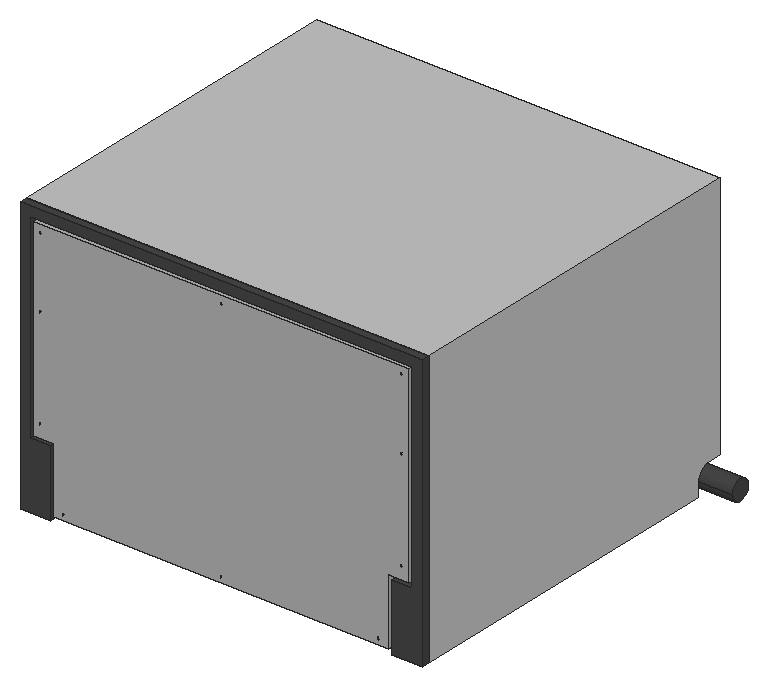
Revit family "FP_Revit_18_DD24SI9_N_DishDrawer_90000883A", category Specialty Equipment, Revit 2018
Family settings
  Round Connector Dimension = Use Diameter
  Part Type = Normal
  OmniClass Number = 23.40.40.14.31
  OmniClass Title = Cleaning and Disposal Equipment
  Work Plane-Based = No
  Always vertical = Yes
  Cut with Voids When Loaded = Yes
  Shared = No
  Room Calculation Point = No
Parameters (values of type "DD24SI9")
  Visibility - Handle = no
  Visibility - Door Panel = no
  Visibility - Clearance Required = yes
  URL = "www.fisherpaykel.com"
  Product - Width = 599 mm  # constant formula
  Product - Height = 410 mm  # constant formula
  Product - Depth = 553 mm  # constant formula
  Model = "DD24SI9"
  Material - Trim = Fisher & Paykel - Black
  Material - Door Structure = Fisher & Paykel - Aluminium
  Material - Door Front = Fisher & Paykel - Stainless Steel
  Material - Body = Fisher & Paykel - Grey
  Manufacturer = "Fisher & Paykel Appliances"
  FFL Offset [instance] = 406 mm
  Description = "Integrated Single DishDrawer"
  Connector Description - Water = "Supplied hose to suit 3⁄8” (9 mm) male compression fitting"
  Connector Description - Sanitary = "Drain Hose, No Fitting Required"
  Connector Description - Electrical = "110-120 V, 15 A, fused electrical supply"
  Cavity - Width = 600 mm  # constant formula
  Cavity - Height = 412 mm  # constant formula
  Cavity - Depth = 560 mm  # constant formula
Reference planes
  plane 1 "Datum": y = 0
  plane 2: z = 0
  plane 3 "Center (Left/Right)": x = 0
  plane 4: z = 0
  plane 5 "Product LHS": x = -299.5
  plane 6 "Product RHS": x = 299.5
  plane 7 "Product - Depth": y = 553
  plane 8 "Cavity LHS": x = -300
  plane 9 "Cavity RHS": x = 300
  plane 10 "Cavity - Depth": y = 560
  plane 11 "Product Height": z = 816
  plane 12 "Cavity - Height": z = 818
  plane 13 "FFL Offset": z = 406
  plane 14 "Door Front": y = -18
Forms (mm)
  Extrusion 1, solid, material "Fisher & Paykel - Grey" <- "Material - Body"
    sketch origin (0, 0, 0) x (0, 1, 0) y (0, 0, 1)
      loop
        line (12, 816) -> (12, 406) -> (513, 406) -> (513, 426)
        arc (513, 426) -> (518.858, 440.142) -> (533, 446) r 20
        line (533, 446) -> (553, 446) -> (553, 816) -> (12, 816)
    from -299.5 to 299.5
  Extrusion 2, solid, material "Fisher & Paykel - Aluminium" <- "Material - Door Structure", detail levels fine
    sketch origin (0, 0, 0) x (1, 0, 0) y (0, 0, 1)
      loop
        line (-279.5, 796) -> (-279.5, 511) -> (-249.5, 511) -> (-249.5, 412.713) -> (249.5, 412.713) -> (249.5, 511) -> (279.5, 511) -> (279.5, 796) -> (-279.5, 796)
      loop
        circle (-269.5, 680) r 1.502
      loop
        circle (-234.5, 421) r 1.5
      loop
        circle (-269.5, 530) r 1.5
      loop
        circle (-269.5, 786) r 1.5
      loop
        circle (0, 786) r 1.5
      loop
        circle (269.5, 680) r 1.502
      loop
        circle (269.5, 530) r 1.5
      loop
        circle (269.5, 786) r 1.5
      loop
        circle (0, 421) r 1.5
      loop
        circle (234.5, 421) r 1.5
    from -12 to 0
  Sweep 3, solid, material "Fisher & Paykel - Black", detail levels medium+fine
    path origin (0, 539.813, 406) x (1, 0, 0) y (0, 0, 1)
      loop
        line (-119.5, 75) -> (-119.5, 45.438)
        arc (-119.5, 45.438) -> (-125.358, 31.295) -> (-139.5, 25.437) r 20
        line (-139.5, 25.437) -> (-349.5, 25.437)
    profile origin (-119.5, 539.813, 466.219) x (0, -1, 0) y (1, 0, 0)
      loop
        circle (0, 0) r 9
  Extrusion 4, solid, material "Fisher & Paykel - Clearance Required", visible <- "Visibility - Clearance Required", detail levels coarse
    sketch origin (0, 0, 0) x (0, 1, 0) y (0, 0, 1)
      loop
        line (-18, 406) -> (-18, 816) -> (-545, 816) -> (-545, 743.132) -> (-587, 743.132) -> (-587, 727.132) -> (-545, 727.132) -> (-545, 406) -> (-18, 406)
    from -300 to 300
  Extrusion 5, solid, material "Fisher & Paykel - Clearance Required", visible <- "Visibility - Clearance Required", detail levels coarse
    sketch origin (0, 0, 0) x (1, 0, 0) y (0, 1, 0)
      loop
        line (300, 560) -> (-300, 560) -> (-300, 0) -> (300, 0) -> (300, 560)
    from 406 to 818
  Extrusion 6, solid, material "Fisher & Paykel - Black" <- "Material - Trim"
    sketch origin (0, 0, 0) x (1, 0, 0) y (0, 0, 1)
      loop
        line (-299.5, 816) -> (-299.5, 406) -> (-254.5, 406) -> (-254.5, 506) -> (-283.999, 506) -> (-283.999, 801) -> (284, 801) -> (284, 506) -> (254.5, 506) -> (254.5, 406) -> (299.5, 406) -> (299.5, 816) -> (-299.5, 816)
    from -12 to 0
  Sweep 7, solid, material "Fisher & Paykel - Black", detail levels medium+fine
    path origin (0, 0, 0) x (1, 0, 0) y (0, 1, 0)
      loop
        line (199.5, 513) -> (199.5, 514)
        arc (199.5, 514) -> (204.04, 524.96) -> (215, 529.5) r 15.5
        line (215, 529.5) -> (349.5, 529.5)
    profile origin (199.5, 513.5, 0) x (-1, 0, 0) y (0, 0, 1)
      loop
        circle (0, 427) r 15
  Sweep 8, solid, material "Fisher & Paykel - Black", detail levels medium+fine
    path origin (0, 0, 0) x (1, 0, 0) y (0, 1, 0)
      loop
        line (-33.982, 513) -> (-33.982, 516.982)
        arc (-33.982, 516.982) -> (-35.886, 521.579) -> (-40.482, 523.482) r 6.5
        line (-40.482, 523.482) -> (-349.5, 523.482)
    profile origin (-194.991, 523.482, 0) x (0, -1, 0) y (0, 0, 1)
      loop
        circle (0, 417.016) r 4
  Sweep 9, solid, material "Fisher & Paykel - Black", detail levels medium+fine
    path origin (0, 0, 0) x (1, 0, 0) y (0, 1, 0)
      loop
        line (-349.5, 522.999) -> (-215.482, 522.999)
        arc (-215.482, 522.999) -> (-211.239, 521.242) -> (-209.482, 516.999) r 6
        line (-209.482, 516.999) -> (-209.482, 513)
    profile origin (-209.482, 514.999, 0) x (1, 0, 0) y (0, 0, 1)
      loop
        circle (0, 426.938) r 5
  Extrusion 10, solid, material "Fisher & Paykel - Black", detail levels fine
    sketch origin (0, 0, 406) x (1, 0, 0) y (0, 0, 1)
      loop
        line (-27.5, 18) -> (-41.5, 18) -> (-41.5, 4) -> (-27.5, 4) -> (-27.5, 18)
    from -518 to -513
  Extrusion 11, void
    sketch origin (0, 0, 0) x (1, 0, 0) y (0, 1, 0)
      loop
        line (-300, 560) -> (-300, -18) -> (300, -18) -> (300, 560) -> (-300, 560)
    from 406 to 818
  Extrusion 12, solid, material "Fisher & Paykel - Stainless Steel" <- "Material - Door Front", visible <- "Visibility - Door Panel"
    sketch origin (0, 0, 0) x (1, 0, 0) y (0, 1, 0)
      loop
        line (297.5, 0) -> (-297.5, 0) -> (-297.5, -18) -> (297.5, -18) -> (297.5, 0)
    from 408 to 816
  Extrusion 13, void
    sketch origin (0, 0, 0) x (1, 0, 0) y (0, 0, 1)
      loop
        line (-9.5, 511) -> (-229.5, 511) -> (-229.5, 446) -> (-9.5, 446) -> (-9.5, 511)
    from -553 to -550
  Sweep 14, solid, material "Fisher & Paykel - Black", not visible, detail levels medium+fine
    path origin (0, 539.813, 1000) x (1, 0, 0) y (0, 0, 1)
      loop
        line (-119.5, 75) -> (-119.5, 45.438)
        arc (-119.5, 45.438) -> (-125.358, 31.295) -> (-139.5, 25.437) r 20
        line (-139.5, 25.437) -> (-349.5, 25.437)
    profile origin (-119.5, 539.813, 1060.219) x (0, -1, 0) y (1, 0, 0)
      loop
        circle (0, 0) r 9
  Sweep 15, solid, material "Fisher & Paykel - Black", not visible, detail levels medium+fine
    path origin (0, 0, 594) x (1, 0, 0) y (0, 1, 0)
      loop
        line (199.5, 513) -> (199.5, 514)
        arc (199.5, 514) -> (204.04, 524.96) -> (215, 529.5) r 15.5
        line (215, 529.5) -> (349.5, 529.5)
    profile origin (199.5, 513.5, 594) x (-1, 0, 0) y (0, 0, 1)
      loop
        circle (0, 427) r 15
  Sweep 16, solid, material "Fisher & Paykel - Black", not visible, detail levels medium+fine
    path origin (0, 0, 594) x (1, 0, 0) y (0, 1, 0)
      loop
        line (-33.982, 513) -> (-33.982, 516.982)
        arc (-33.982, 516.982) -> (-35.886, 521.579) -> (-40.482, 523.482) r 6.5
        line (-40.482, 523.482) -> (-349.5, 523.482)
    profile origin (-194.991, 523.482, 594) x (0, -1, 0) y (0, 0, 1)
      loop
        circle (0, 417.016) r 4
  Sweep 17, solid, material "Fisher & Paykel - Black", not visible, detail levels medium+fine
    path origin (0, 0, 594) x (1, 0, 0) y (0, 1, 0)
      loop
        line (-349.5, 522.999) -> (-215.482, 522.999)
        arc (-215.482, 522.999) -> (-211.239, 521.242) -> (-209.482, 516.999) r 6
        line (-209.482, 516.999) -> (-209.482, 513)
    profile origin (-209.482, 514.999, 594) x (1, 0, 0) y (0, 0, 1)
      loop
        circle (0, 426.938) r 5
  Extrusion 18, solid, material "Fisher & Paykel - Black", not visible, detail levels fine
    sketch origin (0, 0, 1000) x (1, 0, 0) y (0, 0, 1)
      loop
        line (-27.5, 18) -> (-41.5, 18) -> (-41.5, 4) -> (-27.5, 4) -> (-27.5, 18)
    from -518 to -513
Cuts and joins
  Extrusion 13 cuts Extrusion 2
  Extrusion 13 cuts Extrusion 4
  Extrusion 13 cuts Extrusion 12
  Extrusion 13 cuts Extrusion 1
Lines and regions (mm)
  model lines, style "Fisher & Paykel"
    curve 1: line (-297.5, 0, 816) -> (297.5, 0, 816)
    curve 2: line (-297.5, 0, 408) -> (-297.5, 0, 816)
    curve 3: line (297.5, 0, 408) -> (-297.5, 0, 408)
    curve 4: line (297.5, 0, 816) -> (297.5, 0, 408)
  model lines
    curve 5: line (-297.5, 0, 816) -> (297.5, 0, 816)
    curve 6: line (-297.5, 0, 408) -> (-297.5, 0, 816)
    curve 7: line (297.5, 0, 408) -> (-297.5, 0, 408)
    curve 8: line (297.5, 0, 816) -> (297.5, 0, 408)
  model lines, style "Fisher & Paykel", not visible
    curve 9: line (297.5, 0, 1002) -> (-297.5, 0, 1002)
  model lines, not visible
    curve 10: line (297.5, 0, 1002) -> (-297.5, 0, 1002)
Text (mm)
  text "Due to ongoing product development, product details are subject to change without notice. \nPlease always refer to www.fisherpaykel.com for the most current product information. \n© Fisher & Paykel 2020" at (41.04, -647.69, 0), in view "Ref. Level (Plan)"
Dimensions and locks
  equal spacing: plane 5 "Product LHS", plane 3 "Center (Left/Right)", plane 6 "Product RHS"
  "Product - Width": plane 5 "Product LHS" to plane 6 "Product RHS"
  "Product - Depth": plane 1 "Datum" to plane 7 "Product - Depth"
  equal spacing: plane 8 "Cavity LHS", plane 3 "Center (Left/Right)", plane 9 "Cavity RHS"
  "Cavity - Width": plane 8 "Cavity LHS" to plane 9 "Cavity RHS"
  "Cavity - Depth": plane 10 "Cavity - Depth" to plane 1 "Datum"
  "FFL Offset": plane 13 "FFL Offset" to level
  locked: plane 11 "Product Height" to nested 1 at 72.868
  locked: plane 13 "FFL Offset" to cut or joined group of Extrusion 12, Extrusion 13 at 2
  locked: Extrusion 2 sketch curve to plane 13 "FFL Offset" at 6.713
  locked: cut or joined group of Extrusion 1, Extrusion 13 to Extrusion 13 sketch curve at 65
  locked: cut or joined group of Extrusion 12, Extrusion 13 to plane 13 "FFL Offset" at 2
  locked: plane 13 "FFL Offset" to Sweep 3 at 75
  locked: Extrusion 1 sketch curve to plane 13 "FFL Offset" at 40
  "Product - Height": plane 11 "Product Height" to plane 13 "FFL Offset"
  "Cavity - Height": plane 13 "FFL Offset" to plane 12 "Cavity - Height"
  aligned and locked: level to plane 2
  aligned and locked: Extrusion 5 sketch curve to plane 8 "Cavity LHS"
  aligned and locked: plane 1 "Datum" to Extrusion 5 sketch curve
  aligned and locked: Extrusion 5 sketch curve to plane 9 "Cavity RHS"
  aligned and locked: Extrusion 4 to plane 13 "FFL Offset"
  aligned and locked: cut or joined group of Extrusion 4, Extrusion 13 to Extrusion 5
  aligned and locked: Extrusion 5 to plane 12 "Cavity - Height"
  aligned and locked: Extrusion 5 to Extrusion 1
  aligned and locked: plane 11 "Product Height" to Extrusion 1
  aligned and locked: Extrusion 6 sketch curve to plane 13 "FFL Offset"
  aligned and locked: Extrusion 6 sketch curve to Extrusion 6 sketch curve
  aligned and locked: plane 11 "Product Height" to Extrusion 12
  aligned and locked: cut or joined group of Extrusion 1, Extrusion 13 to Extrusion 13 sketch curve
  aligned and locked: Extrusion 2 sketch curve to Extrusion 2 sketch curve
  aligned and locked: Extrusion 11 to Extrusion 5  (x2)
Automatic sketch dimensions
  Sweep 3 sketch curve to profile plane = 0 mm
  profile plane to Sweep 3 sketch curve = 0 mm
  Sweep 3 sketch curve to Sweep 3 sketch curve = 20 mm
  Sweep 3 sketch curve to Sweep 3 sketch curve = 29.562 mm
  Sweep 7 sketch curve to profile plane = 0 mm
  Sweep 7 sketch curve to Sweep 7 sketch curve = 15.5 mm
  Sweep 7 sketch curve to Sweep 7 sketch curve = 1 mm
  Sweep 8 sketch curve to Sweep 8 sketch curve = 3.982 mm
  Sweep 8 sketch curve to Sweep 8 sketch curve = 6.5 mm
  Sweep 8 sketch curve to profile plane = 0 mm
  Sweep 9 sketch curve to Sweep 9 sketch curve = 6 mm
  Sweep 9 sketch curve to Sweep 9 sketch curve = 3.999 mm
  profile plane to Sweep 9 sketch curve = 0 mm
  Extrusion 10 sketch curve to Extrusion 10 sketch curve = 14 mm  (x2)
  Extrusion 5 sketch curve to plane 10 "Cavity - Depth" = 0 mm
  plane 1 "Datum" to Extrusion 11 sketch curve = 18 mm
  Extrusion 11 sketch curve to plane 8 "Cavity LHS" = 0 mm
  Extrusion 11 sketch curve to plane 9 "Cavity RHS" = 0 mm
  Extrusion 11 sketch curve to plane 10 "Cavity - Depth" = 0 mm
  plane 1 "Datum" to Extrusion 12 sketch curve = 0 mm
  plane 9 "Cavity RHS" to Extrusion 12 sketch curve = 597.5 mm
  plane 1 "Datum" to Extrusion 12 sketch curve = 18 mm
  Extrusion 12 sketch curve to Extrusion 12 sketch curve = 595 mm
  Extrusion 4 sketch curve to plane 11 "Product Height" = 0 mm
  level to Extrusion 4 sketch curve = 406 mm
  plane 1 "Datum" to Extrusion 4 sketch curve = 587 mm
  Extrusion 4 sketch curve to Extrusion 4 sketch curve = 42 mm  (x2)
  plane 1 "Datum" to Extrusion 4 sketch curve = 18 mm
  Extrusion 4 sketch curve to Extrusion 4 sketch curve = 16 mm
  Extrusion 4 sketch curve to Extrusion 4 sketch curve = 88.868 mm
  plane 11 "Product Height" to Extrusion 1 sketch curve = 0 mm
  Extrusion 1 sketch curve to plane 7 "Product - Depth" = 0 mm
  Extrusion 1 sketch curve to Extrusion 1 sketch curve = 20 mm  (x2)
  Extrusion 1 sketch curve to plane 1 "Datum" = 12 mm
  curve 6 to plane 11 "Product Height" = 0 mm
  curve 1 to plane 5 "Product LHS" = 2 mm
  plane 6 "Product RHS" to curve 5 = 2 mm
  Extrusion 1 sketch curve to plane 13 "FFL Offset" = 0 mm
  plane 5 "Product LHS" to Extrusion 6 sketch curve = 0 mm
  plane 6 "Product RHS" to Extrusion 6 sketch curve = 0 mm
  Extrusion 6 sketch curve to plane 5 "Product LHS" = 15.501 mm
  Extrusion 6 sketch curve to Extrusion 6 sketch curve = 29.499 mm
  plane 6 "Product RHS" to Extrusion 6 sketch curve = 45 mm
  plane 6 "Product RHS" to Extrusion 6 sketch curve = 15.5 mm
  plane 13 "FFL Offset" to Extrusion 6 sketch curve = 100 mm  (x2)
  Extrusion 6 sketch curve to plane 11 "Product Height" = 15 mm
  plane 11 "Product Height" to Extrusion 6 sketch curve = 0 mm
  Extrusion 13 sketch curve to plane 5 "Product LHS" = 70 mm
  Extrusion 13 sketch curve to plane 3 "Center (Left/Right)" = 9.5 mm
  plane 13 "FFL Offset" to curve 6 = 2 mm
  plane 13 "FFL Offset" to curve 4 = 2 mm
  Sweep 3 sketch curve to Sweep 3 sketch curve = 210 mm
  Sweep 7 sketch curve to Sweep 7 sketch curve = 134.5 mm
  profile plane to Sweep 7 sketch curve = 427 mm
  Sweep 8 sketch curve to Sweep 8 sketch curve = 309.018 mm
  profile plane to Sweep 8 sketch curve = 417.016 mm
  Sweep 9 sketch curve to Sweep 9 sketch curve = 134.018 mm
  profile plane to Sweep 9 sketch curve = 426.938 mm
  Sweep 14 sketch curve to profile plane = 0 mm
  profile plane to Sweep 14 sketch curve = 0 mm
  Sweep 14 sketch curve to Sweep 14 sketch curve = 20 mm
  Sweep 14 sketch curve to Sweep 14 sketch curve = 29.562 mm
  Sweep 15 sketch curve to profile plane = 0 mm
  Sweep 15 sketch curve to Sweep 15 sketch curve = 15.5 mm
  Sweep 15 sketch curve to Sweep 15 sketch curve = 1 mm
  Sweep 16 sketch curve to Sweep 16 sketch curve = 3.982 mm
  Sweep 16 sketch curve to Sweep 16 sketch curve = 6.5 mm
  Sweep 16 sketch curve to profile plane = 0 mm
  Sweep 17 sketch curve to Sweep 17 sketch curve = 6 mm
  Sweep 17 sketch curve to Sweep 17 sketch curve = 3.999 mm
  profile plane to Sweep 17 sketch curve = 0 mm
  Extrusion 18 sketch curve to Extrusion 18 sketch curve = 14 mm  (x2)
  Sweep 14 sketch curve to Sweep 14 sketch curve = 210 mm
  Sweep 15 sketch curve to Sweep 15 sketch curve = 134.5 mm
  profile plane to Sweep 15 sketch curve = 427 mm
  Sweep 16 sketch curve to Sweep 16 sketch curve = 309.018 mm
  profile plane to Sweep 16 sketch curve = 417.016 mm
  Sweep 17 sketch curve to Sweep 17 sketch curve = 134.018 mm
  profile plane to Sweep 17 sketch curve = 426.938 mm
  Extrusion 2 sketch curve to plane 3 "Center (Left/Right)" = 0 mm  (x2)
  plane 13 "FFL Offset" to Extrusion 2 sketch curve = 15 mm  (x3)
  Extrusion 2 sketch curve to plane 5 "Product LHS" = 65 mm
  Extrusion 2 sketch curve to Extrusion 2 sketch curve = 15 mm
  Extrusion 2 sketch curve to plane 5 "Product LHS" = 30 mm  (x2)
  Extrusion 2 sketch curve to Extrusion 2 sketch curve = 20 mm  (x2)
  Extrusion 2 sketch curve to plane 5 "Product LHS" = 20 mm
  plane 6 "Product RHS" to Extrusion 2 sketch curve = 65 mm
  plane 6 "Product RHS" to Extrusion 2 sketch curve = 50 mm
  plane 6 "Product RHS" to Extrusion 2 sketch curve = 30 mm  (x2)
  Extrusion 2 sketch curve to Extrusion 2 sketch curve = 10 mm  (x2)
  Extrusion 2 sketch curve to Extrusion 2 sketch curve = 90 mm
  Extrusion 2 sketch curve to Extrusion 2 sketch curve = 19 mm  (x2)
  Extrusion 2 sketch curve to Extrusion 2 sketch curve = 150 mm  (x2)
  Extrusion 2 sketch curve to plane 11 "Product Height" = 30 mm  (x3)
  radius of Sweep 3 sketch curve = 9 mm
  radius of Sweep 7 sketch curve = 15 mm
  radius of Sweep 8 sketch curve = 4 mm
  radius of Sweep 9 sketch curve = 5 mm
  radius of Sweep 14 sketch curve = 9 mm
  radius of Sweep 15 sketch curve = 15 mm
  radius of Sweep 16 sketch curve = 4 mm
  radius of Sweep 17 sketch curve = 5 mm
  radius of Extrusion 2 sketch curve = 1.502 mm  (x2)
  radius of Extrusion 2 sketch curve = 1.5 mm  (x8)
Nested families
  nested 1: "F&P Handle Contemporary Square - Horizontal" at (0, -18, 735.154), visible <- "Visibility - Handle", type "565mm"
Connectors
  piping at (-349.5, 539.813, 431.437), diameter 15.9, driven by "Connector Description - Sanitary"
    settings: on Sweep 3, index 4, connector inside diameter 609.6 mm, connector length 0 mm, flow factor 0, pipe flow 0.0 L/s, pressure drop 0.0 Pa, fitting loss kfactor 0, connector angle 0.00°, fixture units 0, engagement length 0 mm, angle of deflection 0.00°, flow configuration 0, flow direction 2, fitting loss method 0, system type 16, joint type 0, gender type 0, connector reference index -1, connector utility 0, adjustable connector no, is connector primary yes, connector description "Drain Hose, No Fitting Required"
  piping at (349.5, 529.5, 427), diameter 30
    settings: on Sweep 7, index 5, connector inside diameter 609.6 mm, connector length 0 mm, flow factor 0, pipe flow 0.0 L/s, pressure drop 0.0 Pa, fitting loss kfactor 0, connector angle 0.00°, fixture units 0, engagement length 0 mm, angle of deflection 0.00°, flow configuration 0, flow direction 2, fitting loss method 0, system type 17, joint type 0, gender type 0, connector reference index -1, connector utility 0, adjustable connector no, is connector primary no, connector description "Vent hose for Fan Assisted Drying"
  piping at (-349.5, 522.999, 426.938), diameter 10, driven by "Connector Description - Water"
    settings: on Sweep 9, index 6, connector inside diameter 609.6 mm, connector length 0 mm, flow factor 0, pipe flow 0.0 L/s, pressure drop 0.0 Pa, fitting loss kfactor 0, connector angle 0.00°, fixture units 0, engagement length 0 mm, angle of deflection 0.00°, flow configuration 0, flow direction 1, fitting loss method 0, system type 20, joint type 0, gender type 0, connector reference index -1, connector utility 0, adjustable connector no, is connector primary no, connector description "Supplied hose to suit 3⁄8” (9 mm) male compression fitting"
  electrical at (-349.5, 523.482, 417.016), driven by "Connector Description - Electrical"
    settings: on Sweep 8, index 7, voltage 120 V, apparent load 0 VA, apparent load phase1 0 VA, apparent load phase2 0 VA, apparent load phase3 0 VA, power factor 1, load classification "Other", number of poles 1, system type 30, power factor state 1, is connector primary yes, connector utility no, sub classification motor no, connector description "110-120 V, 15 A, fused electrical supply"
Definition of nested family "F&P Handle Contemporary Square - Horizontal"
  Parameters (values of type "565mm")
    URL = "www.fisherpaykel.com"
    Material - Handle = none
    Manufacturer = "Fisher & Paykel Appliances"
    Handle - Standoff = 100 mm
    Handle - Length = 565 mm
  Reference planes
    plane 1 "Center (Front/Back)": y = 0
    plane 2: z = 0
    plane 3 "Center (Left/Right)": x = 0
    plane 4 "Product LHS": x = -282.5
    plane 5 "Product RHS": x = 282.5
    plane 6 "LHS Standoff": x = -182.5
    plane 7 "RHS Standoff": x = 182.5
  Forms (mm)
    Extrusion 1, solid, material <- "Material - Handle", detail levels fine
      sketch origin (0, 0, 0) x (0, 1, 0) y (0, 0, 1)
        loop
          arc (-27.701, 7.561) -> (-28.057, 7.868) -> (-28.514, 7.978) r 1
          line (-28.514, 7.978) -> (-39.5, 7.978)
          arc (-39.5, 7.978) -> (-40.561, 7.539) -> (-41, 6.478) r 1.5
          line (-41, 6.478) -> (-41, -6.522)
          arc (-41, -6.522) -> (-40.561, -7.583) -> (-39.5, -8.022) r 1.5
          line (-39.5, -8.022) -> (-28.487, -8.022)
          arc (-28.487, -8.022) -> (-28.029, -7.911) -> (-27.673, -7.602) r 1
          arc (-27.673, -7.602) -> (-25.256, -0.016) -> (-27.701, 7.561) r 13.038
      from -282.5 to 282.5
    Extrusion 2, solid, material <- "Material - Handle", detail levels fine
      sketch origin (0, 0, 0) x (0, 1, 0) y (0, 0, 1)
        loop
          arc (-27.23, 7.062) -> (-25.156, 0.008) -> (-27.198, -7.056) r 13.136
          arc (-27.198, -7.056) -> (-27.21, -7.463) -> (-26.86, -7.67) r 0.4
          line (-26.86, -7.67) -> (0, -7.67) -> (0, 7.678) -> (-26.893, 7.678)
          arc (-26.893, 7.678) -> (-27.244, 7.47) -> (-27.23, 7.062) r 0.4
      from 182.5 to 282.5
    Extrusion 3, solid, material <- "Material - Handle", detail levels fine
      sketch origin (0, 0, 0) x (0, 1, 0) y (0, 0, -1)
        loop
          arc (-27.23, -7.062) -> (-27.244, -7.47) -> (-26.893, -7.678) r 0.4
          line (-26.893, -7.678) -> (0, -7.678) -> (0, 7.67) -> (-26.86, 7.67)
          arc (-26.86, 7.67) -> (-27.21, 7.463) -> (-27.198, 7.056) r 0.4
          arc (-27.198, 7.056) -> (-25.156, -0.008) -> (-27.23, -7.062) r 13.136
      from 182.5 to 282.5
    Sweep 4, void
      path in 3D
        loop
          line (282.5, -28.514, 7.978) -> (282.5, -39.5, 7.978)
          arc (282.5, -39.5, 7.978) -> (282.5, -40.561, 7.539) -> (282.5, -41, 6.478) r 1.5
          line (282.5, -41, 6.478) -> (282.5, -41, -6.522)
          arc (282.5, -41, -6.522) -> (282.5, -40.561, -7.583) -> (282.5, -39.5, -8.022) r 1.5
          line (282.5, -39.5, -8.022) -> (282.5, -28.487, -8.022)
      profile origin (282.5, -34.007, 7.978) x (1, 0, 0) y (0, 0, 1)
        loop
          line (0, 0) -> (-1.3, 0) -> (0, -1.3) -> (0, 0)
    Sweep 5, void
      path in 3D
        loop
          line (-282.5, -28.487, -8.022) -> (-282.5, -39.5, -8.022)
          arc (-282.5, -39.5, -8.022) -> (-282.5, -40.561, -7.583) -> (-282.5, -41, -6.522) r 1.5
          line (-282.5, -41, -6.522) -> (-282.5, -41, 6.478)
          arc (-282.5, -41, 6.478) -> (-282.5, -40.561, 7.539) -> (-282.5, -39.5, 7.978) r 1.5
          line (-282.5, -39.5, 7.978) -> (-282.5, -28.514, 7.978)
      profile origin (-282.5, -34.007, 7.978) x (-1, 0, 0) y (0, 0, 1)
        loop
          line (0, 0) -> (-1.3, 0) -> (0, -1.3) -> (0, 0)
    Extrusion 6, void
      sketch origin (0, 0, 0) x (1, 0, 0) y (0, 0, 1)
        loop
          line (282.5, 7.978) -> (281.2, 7.978) -> (282.5, 6.678) -> (282.5, 7.978)
        loop
          line (282.5, -8.022) -> (282.5, -6.722) -> (281.2, -8.022) -> (282.5, -8.022)
      from 0 to 28.514
    Extrusion 7, void
      sketch origin (0, 0, 0) x (1, 0, 0) y (0, 0, 1)
        loop
          line (-282.5, 7.978) -> (-282.5, 6.678) -> (-281.2, 7.978) -> (-282.5, 7.978)
        loop
          line (-282.5, -8.022) -> (-281.2, -8.022) -> (-282.5, -6.722) -> (-282.5, -8.022)
      from 0 to 28.487
    Extrusion 8, solid, material <- "Material - Handle", detail levels coarse+medium
      sketch origin (0, 0, 0) x (1, 0, 0) y (0, 1, 0)
        loop
          line (-282.5, -41) -> (282.5, -41) -> (282.5, 0) -> (182.5, 0) -> (182.5, -26.156) -> (-182.5, -26.156) -> (-182.5, 0) -> (-282.5, 0) -> (-282.5, -41)
      from -8.022 to 7.978
  Cuts and joins
    Sweep 4, Sweep 5, Extrusion 6, Extrusion 7 cuts Extrusion 1
    Extrusion 6 cuts Extrusion 2
    Extrusion 7 cuts Extrusion 3
  Lines and regions (mm)
    sketch lines
      curve 1: line (282.5, -28.514, 7.978) -> (282.5, -39.5, 7.978)
      curve 2: arc (282.5, -41, 6.478) -> (282.5, -40.561, 7.539) -> (282.5, -39.5, 7.978) r 1.5
      curve 3: line (282.5, -41, 6.478) -> (282.5, -41, -6.522)
      curve 4: arc (282.5, -39.5, -8.022) -> (282.5, -40.561, -7.583) -> (282.5, -41, -6.522) r 1.5
      curve 5: line (282.5, -39.5, -8.022) -> (282.5, -28.487, -8.022)
      curve 6: line (-282.5, -39.5, 7.978) -> (-282.5, -28.514, 7.978)
      curve 7: arc (-282.5, -39.5, 7.978) -> (-282.5, -40.561, 7.539) -> (-282.5, -41, 6.478) r 1.5
      curve 8: line (-282.5, -41, -6.522) -> (-282.5, -41, 6.478)
      curve 9: arc (-282.5, -41, -6.522) -> (-282.5, -40.561, -7.583) -> (-282.5, -39.5, -8.022) r 1.5
      curve 10: line (-282.5, -28.487, -8.022) -> (-282.5, -39.5, -8.022)
  Dimensions and locks
    equal spacing: plane 4 "Product LHS", plane 3 "Center (Left/Right)", plane 5 "Product RHS"
    "Handle - Length": plane 4 "Product LHS" to plane 5 "Product RHS"
    "Handle - Standoff": plane 4 "Product LHS" to plane 6 "LHS Standoff"
    "Handle - Standoff": plane 7 "RHS Standoff" to plane 5 "Product RHS"
    Extrusion 8 to plane 1 "Center (Front/Back)" = 41 mm
    aligned and locked: level to plane 2
    aligned and locked: Extrusion 1 to plane 5 "Product RHS"
    aligned and locked: plane 4 "Product LHS" to Extrusion 1
    aligned and locked: Extrusion 2 to plane 5 "Product RHS"
    aligned and locked: plane 4 "Product LHS" to Extrusion 3
    aligned and locked: plane 4 "Product LHS" to Extrusion 8 sketch curve
    aligned and locked: Extrusion 8 sketch curve to plane 5 "Product RHS"
    aligned and locked: Extrusion 8 sketch curve to plane 7 "RHS Standoff"
    aligned and locked: plane 6 "LHS Standoff" to Extrusion 8 sketch curve
    aligned and locked: Extrusion 2 to plane 7 "RHS Standoff"
    aligned and locked: plane 6 "LHS Standoff" to Extrusion 3
  Automatic sketch dimensions
    Extrusion 1 sketch curve to level = 6.522 mm
    plane 1 "Center (Front/Back)" to Extrusion 1 sketch curve = 41 mm
    Extrusion 1 sketch curve to Extrusion 1 sketch curve = 1.5 mm  (x2)
    Extrusion 1 sketch curve to level = 0.04 mm
    Extrusion 1 sketch curve to Extrusion 1 sketch curve = 1.206 mm
    level to Extrusion 1 sketch curve = 6.978 mm
    Extrusion 1 sketch curve to Extrusion 1 sketch curve = 10.986 mm
    Extrusion 1 sketch curve to Extrusion 1 sketch curve = 11.013 mm
    Extrusion 1 sketch curve to Extrusion 1 sketch curve = 1 mm
    level to Extrusion 1 sketch curve = 6.478 mm
    Extrusion 1 sketch curve to Extrusion 1 sketch curve = 0 mm
    Extrusion 2 sketch curve to plane 1 "Center (Front/Back)" = 0 mm
    Extrusion 2 sketch curve to level = 7.67 mm
    Extrusion 2 sketch curve to Extrusion 2 sketch curve = 26.86 mm
    level to Extrusion 2 sketch curve = 7.678 mm
    Extrusion 2 sketch curve to Extrusion 2 sketch curve = 0.033 mm
    Extrusion 2 sketch curve to level = 0.022 mm
    Extrusion 2 sketch curve to Extrusion 2 sketch curve = 11.398 mm
    Extrusion 2 sketch curve to Extrusion 2 sketch curve = 0.4 mm  (x2)
    Extrusion 2 sketch curve to Extrusion 2 sketch curve = 0 mm
    Extrusion 3 sketch curve to plane 1 "Center (Front/Back)" = 0 mm
    Extrusion 3 sketch curve to level = 7.67 mm
    Extrusion 3 sketch curve to Extrusion 3 sketch curve = 26.86 mm
    level to Extrusion 3 sketch curve = 7.678 mm
    Extrusion 3 sketch curve to Extrusion 3 sketch curve = 0.033 mm
    Extrusion 3 sketch curve to level = 0.022 mm
    Extrusion 3 sketch curve to Extrusion 3 sketch curve = 11.398 mm
    Extrusion 3 sketch curve to Extrusion 3 sketch curve = 0.4 mm  (x2)
    Extrusion 3 sketch curve to Extrusion 3 sketch curve = 0 mm
    profile plane to Sweep 4 sketch curve = 0 mm
    Sweep 4 sketch curve to profile plane = 0 mm
    Sweep 4 sketch curve to profile plane = 1.3 mm
    profile plane to Sweep 4 sketch curve = 1.3 mm
    Sweep 5 sketch curve to profile plane = 0 mm  (x2)
    profile plane to Sweep 5 sketch curve = 1.3 mm
    Sweep 5 sketch curve to profile plane = 1.3 mm
    plane 5 "Product RHS" to Extrusion 6 sketch curve = 0 mm  (x2)
    Extrusion 6 sketch curve to Extrusion 6 sketch curve = 1.3 mm  (x4)
    Extrusion 6 sketch curve to level = 6.722 mm
    level to Extrusion 6 sketch curve = 6.678 mm
    plane 4 "Product LHS" to Extrusion 7 sketch curve = 0 mm  (x2)
    Extrusion 7 sketch curve to plane 4 "Product LHS" = 1.3 mm  (x2)
    Extrusion 7 sketch curve to level = 8.022 mm
    level to Extrusion 7 sketch curve = 6.678 mm
    Extrusion 7 sketch curve to Extrusion 7 sketch curve = 1.3 mm  (x2)
    plane 1 "Center (Front/Back)" to Extrusion 8 sketch curve = 0 mm  (x2)
    Extrusion 8 sketch curve to Extrusion 8 sketch curve = 26.156 mm
    Extrusion 8 sketch curve to Extrusion 8 sketch curve = 41 mm
